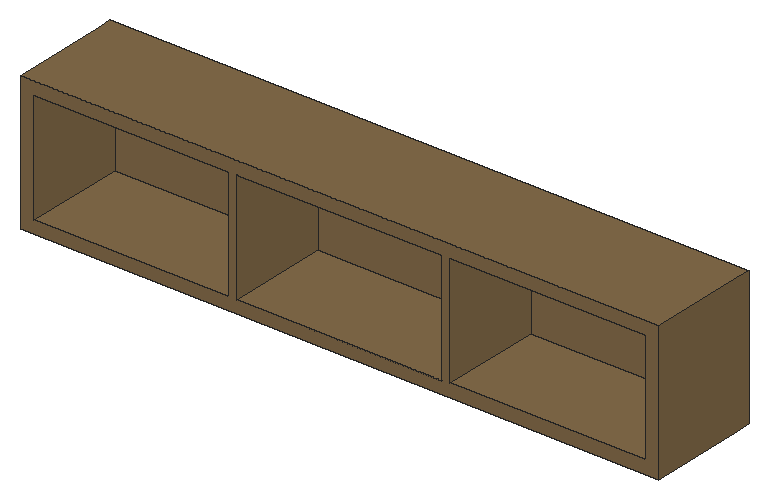
Revit family "箱子_长88cm", category 家具, Revit 2019
Family settings
  OmniClass 编号 = 23.40.20.00
  OmniClass 标题 = General Furniture and Specialties
  基于工作平面 = 否
  总是垂直 = 是
  加载时剪切的空心 = 否
  共享 = 否
  房间计算点 = 否
Parameters (values of type "黑胡桃木")
  高度 = 190 mm
  长度 = 880 mm
  说明 = "承重3kg"
  材质 = 胡桃木_黑色_树脂涂装
  成本 = 650
  宽度 = 155 mm
  型号 = "37287457"
  制造商 = "MUJI"
Types (3, lengths in mm): name | 说明 | 材质 | 成本 | 型号
  (no name) | "承重3kg" | 胡桃木_黑色_树脂涂装 | 650 | "37287457"
  白橡木 | "承重5kg" | 橡木_白色_树脂涂装 | 540 | "37287372"
  黑胡桃木 | "承重3kg" | 胡桃木_黑色_树脂涂装 | 650 | "37287457"
Reference planes
  plane 1 "中心(前/后)": y = 0
  plane 2: z = 0
  plane 3 "中心(左/右)": x = 0
  plane 4: x = 880
  plane 5: y = -155
  plane 6: z = 190
  plane 7: z = 172.5
  plane 8: z = 17.5
  plane 9: x = 18
  plane 10: x = 862
  plane 11: y = -15
  plane 12: x = 293.333
  plane 13: x = 586.667
Forms (mm)
  Extrusion 1, solid, material "胡桃木_黑色_树脂涂装" <- "材质"
    sketch origin (0, 0, 0) x (1, 0, 0) y (0, 0, 1)
      loop
        line (0, 190) -> (0, 0) -> (880, 0) -> (880, 190) -> (0, 190)
      loop
        line (18, 172.5) -> (18, 17.5) -> (862, 17.5) -> (862, 172.5) -> (18, 172.5)
    from 0 to 155
  Extrusion 2, solid, material "胡桃木_黑色_树脂涂装" <- "材质"
    sketch origin (0, 0, 0) x (1, 0, 0) y (0, 1, 0)
      loop
        line (0, 0) -> (0, -15) -> (880, -15) -> (880, 0) -> (0, 0)
    from 0 to 190
  Extrusion 3, solid, material "胡桃木_黑色_树脂涂装" <- "材质"
    sketch origin (0, 0, 0) x (1, 0, 0) y (0, 0, 1)
      loop
        line (288, 172.5) -> (288, 17.5) -> (298.667, 17.5) -> (298.667, 172.5) -> (288, 172.5)
      loop
        line (581.667, 172.5) -> (581.667, 17.5) -> (591.667, 17.5) -> (591.667, 172.5) -> (581.667, 172.5)
    from 15 to 155
Cuts and joins
  joined: Extrusion 1, Extrusion 2, Extrusion 3
Dimensions and locks
  "长度": plane 4 to plane 3 "中心(左/右)"
  "宽度": plane 5 to plane 1 "中心(前/后)"
  "高度": plane 6 to plane 2
  locked: plane 6 to plane 7 at 17.5
  locked: plane 8 to plane 2 at 17.5
  locked: plane 9 to plane 3 "中心(左/右)" at 18
  locked: plane 4 to plane 10 at 18
  locked: plane 1 "中心(前/后)" to plane 11 at 15
  equal spacing: plane 4, plane 13, plane 12, plane 3 "中心(左/右)"
  locked: plane 12 to Extrusion 3 sketch curve at 5.333
  equal spacing: Extrusion 3 sketch curve, plane 12, Extrusion 3 sketch curve
  locked: plane 13 to Extrusion 3 sketch curve at 5
  equal spacing: Extrusion 3 sketch curve, plane 13, Extrusion 3 sketch curve
  aligned and locked: level to plane 2
  aligned and locked: Extrusion 1 sketch curve to plane 6
  aligned and locked: plane 3 "中心(左/右)" to Extrusion 1 sketch curve
  aligned and locked: level to Extrusion 1 sketch curve
  aligned and locked: Extrusion 1 sketch curve to plane 4
  aligned and locked: Extrusion 1 sketch curve to plane 7
  aligned and locked: plane 9 to Extrusion 1 sketch curve
  aligned and locked: plane 8 to Extrusion 1 sketch curve
  aligned and locked: Extrusion 1 sketch curve to plane 10
  aligned and locked: Extrusion 1 to plane 5
  aligned and locked: plane 3 "中心(左/右)" to Extrusion 2 sketch curve
  aligned and locked: Extrusion 2 sketch curve to plane 4
  aligned and locked: Extrusion 2 sketch curve to plane 11
  aligned and locked: plane 1 "中心(前/后)" to Extrusion 2 sketch curve
  aligned and locked: Extrusion 3 sketch curve to plane 7  (x2)
  aligned and locked: plane 8 to Extrusion 3 sketch curve  (x2)
  aligned and locked: plane 6 to Extrusion 2
  aligned and locked: Extrusion 3 to plane 11
  aligned and locked: plane 5 to Extrusion 3
